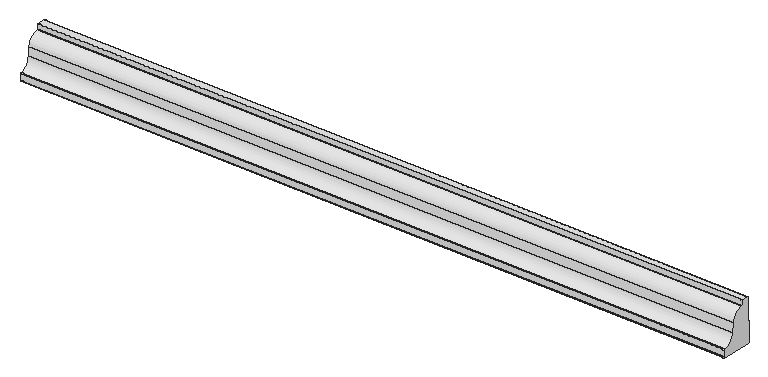
Revit family "13-MOULDING-CADS-134-PEDIMENT-CROWN-4-REVIT_Versatex-Generic-Model-PEDIMENT-CROWN-MOULDING", category Generic Models, host Face, Revit 2026
Family settings
  Host = Face
  Can host rebar = No
  Round Connector Dimension = Use Diameter
  Part Type = Normal
  Cut with Voids When Loaded = No
  Maintain Annotation Orientation = No
  Shared = No
  Room Calculation Point = No
Parameters
  Model = "PCBPEDIMENT"
  Length = 4' - 0"
  Warranty = "https://versatex.com/warranty/"
  URL = "https://versatex.com/"
  Specification = "https://www.arcat.com/company/versatex-45716/spec?coid=45716"
  Sales Information = "https://versatex.com/dealer-locator/"
  Message Manufacturer = "https://versatex.com/contact/"
  Material = Versatex PVC - Smooth
  Manufacturer Website = "https://versatex.com/"
  Manufacturer Phone = "724-857-1111"
  Manufacturer Fax = "724-857-1171"
  Manufacturer Address = "400 Steel Street, Aliquippa, PA 15001"
  Manufacturer = "Versatex"
  Literature = "https://versatex.com/literature/?_sft_literature_category=cads"
  Description = "PEDIMENT CROWN MOULDING"
  Default Elevation = 4' - 0"
  Copyright = "© 2024 VERSATEX Building Products, LLC"
Reference planes (in)
  plane 1 "Center (Front/Back)": y = 0
  plane 2: z = 0
  plane 3 "Center (Left/Right)": x = 0
  plane 4: x = 24
  plane 5: x = -24
Forms (in)
  Sweep 1, solid, material "Versatex PVC - Smooth" <- "Material"
    path origin (0, 0, 0) x (1, 0, 0) y (0, 1, 0)
      loop
        line (-24, 0) -> (24, 0)
    profile "Versatex_Profile_PEDIMENT CROWN MOULDING : Versatex_Profile_PEDIMENT CROWN MOULDING" origin (0, 0, 0) x (0, 1, 0) y (0, 0, 1)
      loop
        arc (0.70164, 1.22866) -> (0.48894, 0.74774) -> (0.0251, 0.50001) r 0.80686
        arc (0.0251, 0.50001) -> (0.00707, 0.48993) -> (0, 0.47065) r 0.02966
        line (0, 0.47065) -> (0, 0.02979)
        arc (0, 0.02979) -> (0.00874, 0.00874) -> (0.02979, 0) r 0.02984
        line (0.02979, 0) -> (1.97093, 0)
        arc (1.97093, 0) -> (1.99201, 0.00872) -> (2.00072, 0.02979) r 0.02976
        line (2.00072, 0.02979) -> (2.00072, 2.84468)
        arc (2.00072, 2.84468) -> (1.99201, 2.86576) -> (1.97093, 2.87447) r 0.02976
        line (1.97093, 2.87447) -> (1.52907, 2.87447)
        arc (1.52907, 2.87447) -> (1.50803, 2.86573) -> (1.49929, 2.84468) r 0.02984
        line (1.49929, 2.84468) -> (1.49929, 2.52915)
        arc (1.49929, 2.52915) -> (1.49171, 2.50926) -> (1.47281, 2.49949) r 0.02985
        arc (1.47281, 2.49949) -> (0.98006, 2.2646) -> (0.74754, 1.77074) r 0.81159
        line (0.74754, 1.77074) -> (0.70164, 1.22866)
Dimensions and locks (in)
  "Length": plane 5 to plane 4
  equal spacing: plane 5, plane 3 "Center (Left/Right)", plane 4, locked at 24 each
  aligned and locked: plane 2 to host face
  aligned and locked: level to host face
Automatic sketch dimensions
  host sketch curve to host sketch curve = 8' - 0"  (x2)
  plane 1 "Center (Front/Back)" to Sweep 1 sketch curve = 0' - 0"
  Sweep 1 sketch curve to plane 5 = 0' - 0"
  Sweep 1 sketch curve to plane 4 = 0' - 0"
